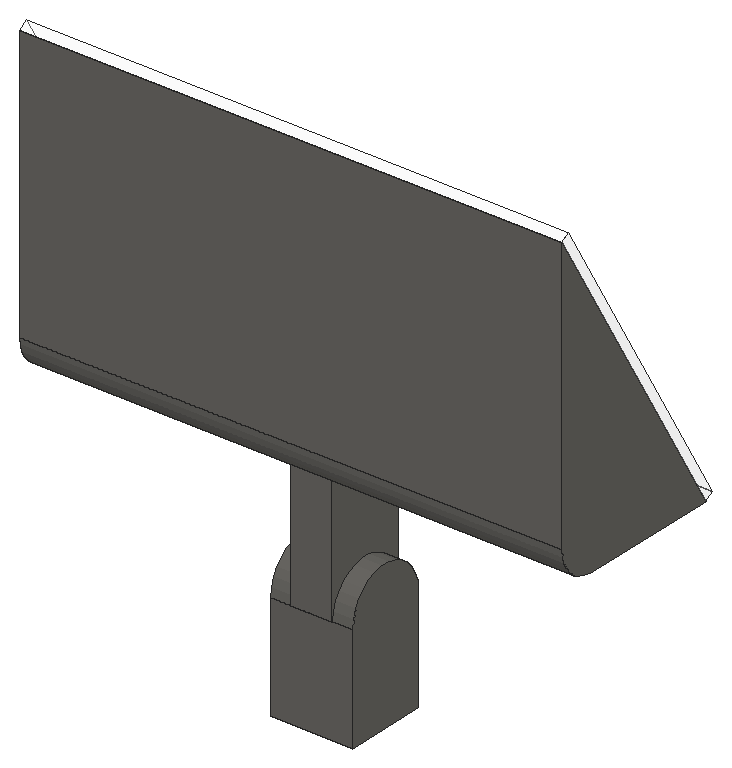
Revit family
Parameters
  Wattage = 9.2903 W
  built-in parameter 1150110 = 1 (stored number, unit not read)
  built-in parameter 1114217 = 1 (stored number, unit not read)
  built-in parameter 1150109 = 1 (stored number, unit not read)
  built-in parameter 1150134 = 3
  built-in parameter 1150113 = 1 (stored number, unit not read)
  Material Light Fitting = Metal - Grey Dark
  Material Lamp Glazing = Glass - White Frosted
  built-in parameter 1150105 = 109.82 (stored number, unit not read)
  Lumens = 1380 lm
  built-in parameter 1150115 = 1 (stored number, unit not read)
  Light Source Symbol Size = 609.6 mm
  built-in parameter 1150137 = (empty or 0)
  built-in parameter 1150139 = (empty or 0)
  built-in parameter 1150112 = 1 (stored number, unit not read)
  built-in parameter 1150114 = 1 (stored number, unit not read)
  Keynote = "V"
  built-in parameter 1150132 = 2
  built-in parameter 1150102 = (empty or 0)
  built-in parameter 1150107 = 3200 (stored number, unit not read)
  built-in parameter 1150138 = (empty or 0)
  built-in parameter 1150106 = 1.0982 (stored number, unit not read)
  built-in parameter 1150104 = 13.8 (stored number, unit not read)
  Dimming Lamp Color Temperature Shift = (empty or 0)
  Color Filter = 16777215
  built-in parameter 1114218 = 1 (stored number, unit not read)
  built-in parameter 1150133 = 10 (stored number, unit not read)
Reference planes
  plane 1 "Light Source Axis (F/B)": through (0, 137.351, 51.996) normal (0, -0.866, -0.5)
  plane 2: z = 0
  plane 3 "Light Source Axis (L/R)": x = 0
  plane 4 "Light Source Elevation": z = 0
  plane 5: y = 0
  plane 6: z = 140
Forms (mm)
  Extrusion 1, solid, material "Metal - Grey Dark" <- "Material Light Fitting"
    sketch origin (-40, 5, 0) x (0, 1, 0) y (0, 0, 1)
      loop
        line (-25, 0) -> (15, 0) -> (15, 52)
        arc (15, 52) -> (-5, 72) -> (-25, 52) r 20
        line (-25, 52) -> (-25, 0)
    from 20 to 60
  Extrusion 2, solid, material "Metal - Grey Dark" <- "Material Light Fitting"
    sketch origin (-132.5, 87.301, 52) x (0, 0, -1) y (0, -1, 0)
      loop
        line (-80, 120) -> (-214.531, 120) -> (-62.422, 32.18) -> (-62.422, 102.422)
        arc (-62.422, 102.422) -> (-67.57, 114.851) -> (-80, 120) r 17.578
    from 0 to -265
  Extrusion 3, solid, material "Metal - Grey Dark" <- "Material Light Fitting"
    sketch origin (10, 52, 52) x (0, 0, 1) y (0, -1, 0)
      loop
        arc (0, 72) -> (20, 52) -> (0, 32) r 20
        line (0, 32) -> (62.422, 32) -> (62.422, 72) -> (0, 72)
    from 0 to -20
  Extrusion 4, solid, material "Glass - White Frosted" <- "Material Lamp Glazing"
    sketch origin (-132.5, 87.301, 52) x (0, 0, -1) y (0, -1, 0)
      loop
        line (-214.531, 120) -> (-217.031, 115.67) -> (-64.922, 27.85) -> (-62.422, 32.18) -> (-214.531, 120)
    from 0 to -265
Dimensions and locks
  Extrusion 3 sketch curve to Extrusion 3 sketch curve to plane 6 = 62.422 mm, 25.578 mm
  angle Extrusion 3 sketch curve to Extrusion 2 = 90.00°
  aligned and locked: level to plane 2
  aligned and locked: plane 3 "Light Source Axis (L/R)" to imposter light
  aligned and locked: plane 4 "Light Source Elevation" to imposter light
